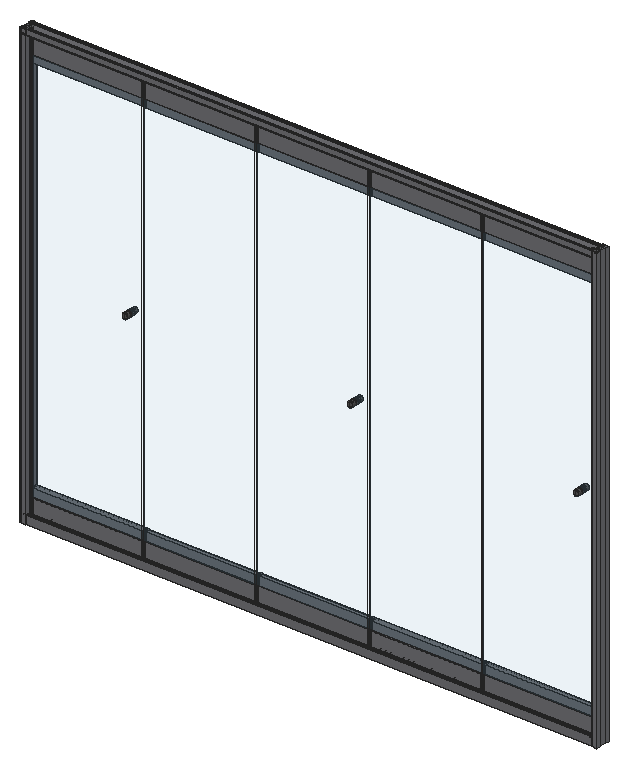
Revit family "QFL5 2380 LH", category Doors, host Wall, Revit 2024 (continued)
Automatic sketch dimensions
  Extrusion 15 sketch curve to Extrusion 15 sketch curve = 3.1 mm  (x2)
  Extrusion 15 sketch curve to Extrusion 15 sketch curve = 0.514 mm
  Extrusion 15 sketch curve to Extrusion 15 sketch curve = 6.21 mm
  Extrusion 15 sketch curve to Extrusion 15 sketch curve = 0.05 mm
  Extrusion 15 sketch curve to Extrusion 15 sketch curve = 0.554 mm
  level to Extrusion 15 sketch curve = 31 mm  (x2)
  Extrusion 15 sketch curve to Extrusion 15 sketch curve = 2 mm  (x6)
  Extrusion 15 sketch curve to Extrusion 15 sketch curve = 1.6 mm  (x4)
  Extrusion 15 sketch curve to Extrusion 15 sketch curve = 12.367 mm  (x2)
  Extrusion 15 sketch curve to Extrusion 15 sketch curve = 12.517 mm  (x2)
  Extrusion 15 sketch curve to Extrusion 15 sketch curve = 1.048 mm  (x2)
  Extrusion 15 sketch curve to Extrusion 15 sketch curve = 0.963 mm  (x2)
  Extrusion 15 sketch curve to Extrusion 15 sketch curve = 2.92 mm  (x2)
  Extrusion 15 sketch curve to Extrusion 15 sketch curve = 66.2 mm
  Extrusion 15 sketch curve to Extrusion 15 sketch curve = 33.962 mm
  Extrusion 15 sketch curve to Extrusion 15 sketch curve = 1.038 mm  (x2)
  Extrusion 15 sketch curve to Extrusion 15 sketch curve = 9.238 mm
  plane 5 to Extrusion 15 sketch curve = 174 mm
  Extrusion 15 sketch curve to Extrusion 15 sketch curve = 8.2 mm
  Extrusion 15 sketch curve to Extrusion 15 sketch curve = 43.2 mm
  plane 5 to Extrusion 15 sketch curve = 60.8 mm
  Extrusion 15 sketch curve to Extrusion 15 sketch curve = 2.985 mm
  host wall to Extrusion 16 sketch curve = 2.504 mm
  Extrusion 16 sketch curve to Extrusion 16 sketch curve = 10 mm
  level to Extrusion 16 sketch curve = 121 mm
  plane 5 to Extrusion 16 sketch curve = 129 mm
  Extrusion 17 sketch curve to host wall = 33.496 mm  (x2)
  Extrusion 17 sketch curve to Extrusion 17 sketch curve = 4.9 mm  (x3)
  Extrusion 17 sketch curve to Extrusion 17 sketch curve = 10 mm  (x4)
  host wall to Extrusion 17 sketch curve = 2.504 mm  (x2)
  host wall to Extrusion 17 sketch curve = 5.604 mm  (x2)
  Extrusion 17 sketch curve to Extrusion 17 sketch curve = 8 mm
  plane 5 to Extrusion 17 sketch curve = 39 mm
  Extrusion 17 sketch curve to Extrusion 17 sketch curve = 0 mm
  Extrusion 17 sketch curve to Extrusion 17 sketch curve = 20 mm  (x3)
  Extrusion 17 sketch curve to Extrusion 17 sketch curve = 70 mm
  Extrusion 17 sketch curve to Extrusion 17 sketch curve = 35 mm
  level to Extrusion 17 sketch curve = 166 mm
  Extrusion 17 sketch curve to Extrusion 17 sketch curve = 45 mm
  level to Extrusion 17 sketch curve = 51 mm
  Extrusion 18 sketch curve to host wall = 33.496 mm  (x2)
  Extrusion 18 sketch curve to Extrusion 18 sketch curve = 4.9 mm  (x3)
  Extrusion 18 sketch curve to Extrusion 18 sketch curve = 10 mm  (x4)
  host wall to Extrusion 18 sketch curve = 2.504 mm  (x2)
  host wall to Extrusion 18 sketch curve = 5.604 mm  (x2)
  Extrusion 18 sketch curve to Extrusion 18 sketch curve = 8 mm
  level to Extrusion 18 sketch curve = 31 mm  (x2)
  Extrusion 18 sketch curve to Extrusion 18 sketch curve = 20 mm  (x3)
  Extrusion 18 sketch curve to Extrusion 18 sketch curve = 70 mm
  Extrusion 18 sketch curve to Extrusion 18 sketch curve = 35 mm
  plane 5 to Extrusion 18 sketch curve = 174 mm
  Extrusion 18 sketch curve to Extrusion 18 sketch curve = 45 mm
  plane 5 to Extrusion 18 sketch curve = 59 mm
  host wall to Revolve 19 sketch curve = 2.504 mm
  Revolve 19 sketch curve to host wall = 0.496 mm
  Revolve 19 sketch curve to host wall = 5.496 mm
  Revolve 19 sketch curve to Revolve 19 sketch curve = 5 mm
  Revolve 19 sketch curve to Revolve 19 sketch curve = 16 mm
  Revolve 19 sketch curve to Revolve 19 sketch curve = 1 mm  (x2)
  plane 5 to Revolve 19 sketch curve = 1176.5 mm
  Revolve 19 sketch curve to Revolve 19 sketch curve = 0 mm  (x4)
  Revolve 19 sketch curve to Revolve 19 sketch curve = 14 mm
  host wall to Revolve 20 sketch curve = 2.504 mm
  Revolve 20 sketch curve to host wall = 0.496 mm
  Revolve 20 sketch curve to host wall = 5.496 mm
  Revolve 20 sketch curve to Revolve 20 sketch curve = 5 mm
  Revolve 20 sketch curve to Revolve 20 sketch curve = 16 mm
  Revolve 20 sketch curve to Revolve 20 sketch curve = 1 mm  (x2)
  plane 5 to Revolve 20 sketch curve = 1176.5 mm
  Revolve 20 sketch curve to Revolve 20 sketch curve = 0 mm  (x4)
  Revolve 20 sketch curve to Revolve 20 sketch curve = 14 mm
  host wall to Revolve 21 sketch curve = 2.504 mm
  Revolve 21 sketch curve to host wall = 0.496 mm
  Revolve 21 sketch curve to host wall = 5.496 mm
  Revolve 21 sketch curve to Revolve 21 sketch curve = 5 mm
  Revolve 21 sketch curve to Revolve 21 sketch curve = 16 mm
  Revolve 21 sketch curve to Revolve 21 sketch curve = 1 mm  (x2)
  plane 5 to Revolve 21 sketch curve = 1176.5 mm
  Revolve 21 sketch curve to Revolve 21 sketch curve = 0 mm  (x4)
  Revolve 21 sketch curve to Revolve 21 sketch curve = 14 mm
  host wall to Revolve 22 sketch curve = 10.504 mm
  Revolve 22 sketch curve to Revolve 22 sketch curve = 3 mm
  Revolve 22 sketch curve to Revolve 22 sketch curve = 5 mm  (x2)
  Revolve 22 sketch curve to Revolve 22 sketch curve = 16 mm
  Revolve 22 sketch curve to Revolve 22 sketch curve = 1 mm  (x2)
  level to Revolve 22 sketch curve = 1191.5 mm
  Revolve 22 sketch curve to Revolve 22 sketch curve = 10 mm
  Revolve 22 sketch curve to Revolve 22 sketch curve = 14 mm
  Revolve 22 sketch curve to Revolve 22 sketch curve = 0 mm  (x3)
  host wall to Revolve 23 sketch curve = 10.504 mm
  Revolve 23 sketch curve to Revolve 23 sketch curve = 3 mm
  Revolve 23 sketch curve to Revolve 23 sketch curve = 5 mm  (x2)
  Revolve 23 sketch curve to Revolve 23 sketch curve = 16 mm
  Revolve 23 sketch curve to Revolve 23 sketch curve = 1 mm  (x2)
  level to Revolve 23 sketch curve = 1191.5 mm
  Revolve 23 sketch curve to Revolve 23 sketch curve = 10 mm
  Revolve 23 sketch curve to Revolve 23 sketch curve = 14 mm
  Revolve 23 sketch curve to Revolve 23 sketch curve = 0 mm  (x3)
  host wall to Revolve 24 sketch curve = 10.504 mm
  Revolve 24 sketch curve to Revolve 24 sketch curve = 3 mm
  Revolve 24 sketch curve to Revolve 24 sketch curve = 5 mm  (x2)
  Revolve 24 sketch curve to Revolve 24 sketch curve = 16 mm
  Revolve 24 sketch curve to Revolve 24 sketch curve = 1 mm  (x2)
  level to Revolve 24 sketch curve = 1191.5 mm
  Revolve 24 sketch curve to Revolve 24 sketch curve = 10 mm
  Revolve 24 sketch curve to Revolve 24 sketch curve = 14 mm
  Revolve 24 sketch curve to Revolve 24 sketch curve = 0 mm  (x3)
  host wall to Extrusion 25 sketch curve = 2.504 mm
  Extrusion 25 sketch curve to Extrusion 25 sketch curve = 10 mm
  level to Extrusion 25 sketch curve = 121 mm
  plane 5 to Extrusion 25 sketch curve = 129 mm
  host wall to Extrusion 26 sketch curve = 2.504 mm
  Extrusion 26 sketch curve to Extrusion 26 sketch curve = 10 mm
  level to Extrusion 26 sketch curve = 121 mm
  plane 5 to Extrusion 26 sketch curve = 129 mm
  host wall to Extrusion 27 sketch curve = 2.504 mm
  Extrusion 27 sketch curve to Extrusion 27 sketch curve = 10 mm
  level to Extrusion 27 sketch curve = 121 mm
  plane 5 to Extrusion 27 sketch curve = 129 mm
  host wall to Extrusion 28 sketch curve = 2.504 mm
  Extrusion 28 sketch curve to Extrusion 28 sketch curve = 10 mm
  level to Extrusion 28 sketch curve = 121 mm
  plane 5 to Extrusion 28 sketch curve = 129 mm
